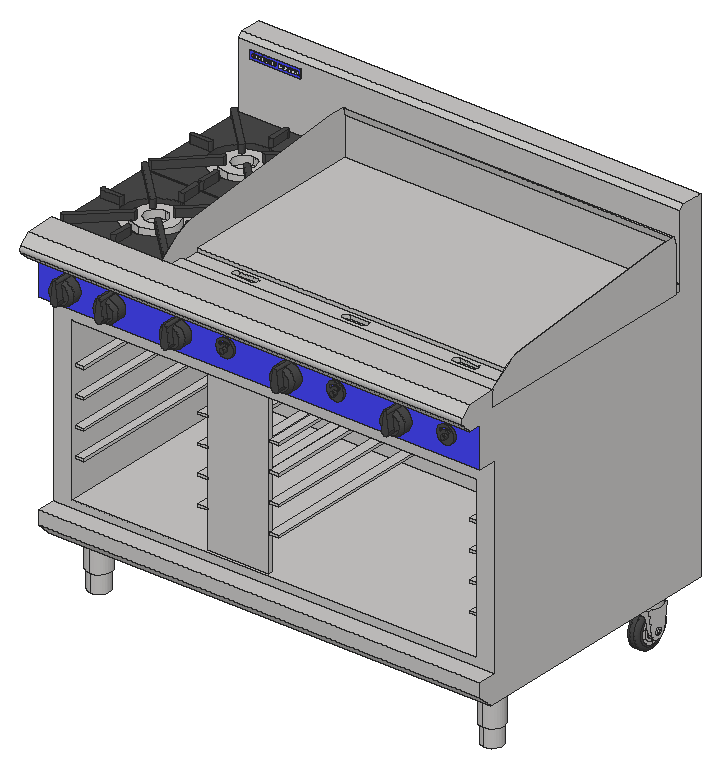
Revit family "QF_MOFFAT_BLUESEAL_CE_G518A-CB", category Specialty Equipment, Revit 2012
Parameters
  Weight in Pounds = 435  # constant formula
  URL Cutsheet = "www.moffat.com"
  URL = "www.moffat.com"
  Type Mark [instance] = ""
  Status [instance] = ""
  Specification by User [instance] = ""
  Specification by Manufacturer = ""
  Show Logo [instance] = yes
  Show Casters [instance] = yes
  Serial Number = ""
  Seismic Rating = ""
  SMACNA No = ""
  Revision Code [instance] = ""
  Omniclass Number and Title = ""
  NAFEM Spec ID Number = ""
  Model = "G518A-CB"
  Mechanical Remarks [instance] = ""
  Mechanical Connection Type [instance] = ""
  Masterspec = ""
  Manufacturer = "MOFFAT BLUESEAL"
  Legs [instance] = not(Show Casters)  # no
  Item Number [instance] = ""
  Installed By [instance] = ""
  Identify Quantity as Lot [instance] = yes
  Gas Size = 3/4"
  Gas RI Height [instance] = 0.0 mm
  Gas KW = 32.2
  Gas Input [instance] = 109946.0 Btu/h
  Gas Connection Height = 0.0 mm
  Furnished By [instance] = ""
  Foodservice Equipment Identifier [instance] = yes
  Description = "1200MM GAS COOK TOP ON CABINET BASE"
  CSI MasterFormat = ""
  CSI Master Format = ""
  Body Height [instance] = 915.0 mm
  Base Height [instance] = 150.0 mm
Reference planes
  plane 1 "BACK": y = 0
  plane 2: z = 0
  plane 3 "LEFT": x = 0
  plane 4 "RIGHT": x = 1200
  plane 5 "FRONT": y = -812
  plane 6 "TOP": z = 970
  plane 7 "Center Y": x = 600
  plane 8 "Center X": y = -406
  plane 9 "Base Height": z = 150
  plane 10: x = 1134
  plane 11: x = 65
  plane 12: z = 915
  plane 13: z = 1085
  plane 14: y = -100
  plane 15: y = -625
Forms (mm)
  Extrusion 1, solid, material "QF_Finishes_Stainless Steel"
    sketch origin (0, 0, 0) x (0, 1, 0) y (0, 0, 1)
      loop
        line (0, 150) -> (0, 1085) -> (-57.5, 1085) -> (-70, 1072.5) -> (-70, 875) -> (-705, 875) -> (-705, 915) -> (-783.97, 915) -> (-808.485, 890.485)
        arc (-808.485, 890.485) -> (-811.999, 882) -> (-808.485, 873.515) r 12
        line (-808.485, 873.515) -> (-784.97, 850) -> (-749, 850) -> (-749, 740) -> (-135.7, 740) -> (-135.7, 150) -> (0, 150)
      loop
        line (-699, 222.5) -> (-749, 222.5) -> (-749, 186) -> (-713, 150) -> (-699, 150) -> (-699, 222.5)
    from 0 to 1200
  Extrusion 2, solid, material "QF_Finishes_Stainless Steel"
    sketch origin (705, 3, 100) x (1, 0, 0) y (0, 1, 0)
      loop
        circle (365, -35) r 13.5
    from 555 to 599.856
  Revolve 3, solid, material "QF_Finishes_Black"
    sketch origin (89.999, 7, 759.972) x (0, 1, 0) y (0, 0, -1)
      loop
        line (-789, -69.5) -> (-766, -69.5) -> (-766, -42) -> (-756, -42) -> (-756, -37) -> (-800, -37) -> (-800, -63.651) -> (-789, -69.5)
      axis (-800, -37) -> (-756, -37)
    angle from 0 to 360
  Extrusion 4, solid, material "QF_Finishes_Black"
    sketch origin (228.269, 0, 760.13) x (-1, 0, 0) y (0, 0, -1)
      loop
        line (127.85, -26.064) -> (133.27, -68.983)
        arc (133.27, -68.983) -> (138.269, -73.87) -> (143.267, -68.983) r 5
        line (143.267, -68.983) -> (148.756, -24.898)
        arc (148.756, -24.898) -> (137.684, -14.399) -> (127.85, -26.064) r 10.487
    from 759 to 808
  Revolve 5, solid, material "QF_Finishes_Stainless Steel"
    sketch origin (65, -728, 0) x (0, 1, 0) y (0, 0, 1)
      loop
        line (71.25, 150) -> (71.25, 50) -> (75.5, 50) -> (75.5, 0) -> (103, 0) -> (103, 150) -> (71.25, 150)
      axis (103, 150) -> (103, 0)
    angle from 0 to 360
  Revolve 6, solid, material "QF_Finishes_Stainless Steel"
    sketch origin (1134, -728, 0) x (0, 1, 0) y (0, 0, -1)
      loop
        line (71.25, -150) -> (103, -150) -> (103, 0) -> (75.5, 0) -> (75.5, -50) -> (71.25, -50) -> (71.25, -150)
      axis (103, -150) -> (103, 0)
    angle from 0 to 360
  Extrusion 7, solid, material "QF_Finishes_Stainless Steel"
    sketch origin (0, 0, 0) x (1, 0, 0) y (0, 0, 1)
      loop
        line (0, 740) -> (0, 150) -> (1200, 150) -> (1200, 740) -> (0, 740)
      loop
        line (50, 680) -> (50, 242.5) -> (1150, 242.5) -> (1150, 680) -> (50, 680)
    from 135.7 to 699
  Extrusion 8, void
    sketch origin (0, 0, 150) x (-1, 0, 0) y (0, -1, 0)
      loop
        line (-1133.988, 87.26) -> (-1133.988, -30.24) -> (-1004.488, -30.24) -> (-1004.488, 38.76) -> (-1052.988, 87.26) -> (-1133.988, 87.26)
    from 72.5 to 549.856
  Extrusion 9, solid, material "QF_Finishes_Stainless Steel"
    sketch origin (0, -135.7, 735) x (0, 0, 1) y (-1, 0, 0)
      loop
        line (-50, -578.5) -> (-50, -412.5) -> (-492.5, -412.5) -> (-492.5, -578.5) -> (-50, -578.5)
    from 543.302 to 553.302
  Extrusion 10, solid, material "QF_Finishes_Stainless Steel"
    sketch origin (0, -135.7, 735) x (0, 0, 1) y (-1, 0, 0)
      loop
        line (-246.25, -410.75) -> (-239.9, -410.75) -> (-239.9, -385.75) -> (-246.25, -385.75) -> (-246.25, -410.75)
      loop
        line (-321.25, -410.75) -> (-314.9, -410.75) -> (-314.9, -385.75) -> (-321.25, -385.75) -> (-321.25, -410.75)
      loop
        line (-321.25, -50) -> (-321.25, -75) -> (-314.9, -75) -> (-314.9, -50) -> (-321.25, -50)
      loop
        line (-239.9, -75) -> (-239.9, -50) -> (-246.25, -50) -> (-246.25, -75) -> (-239.9, -75)
      loop
        line (-396.25, -410.75) -> (-389.9, -410.75) -> (-389.9, -385.75) -> (-396.25, -385.75) -> (-396.25, -410.75)
      loop
        line (-396.25, -50) -> (-396.25, -75) -> (-389.9, -75) -> (-389.9, -50) -> (-396.25, -50)
      loop
        line (-171.25, -410.75) -> (-164.9, -410.75) -> (-164.9, -385.75) -> (-171.25, -385.75) -> (-171.25, -410.75)
      loop
        line (-164.9, -75) -> (-164.9, -50) -> (-171.25, -50) -> (-171.25, -75) -> (-164.9, -75)
      loop
        line (-246.25, -579.25) -> (-246.25, -604.25) -> (-239.9, -604.25) -> (-239.9, -579.25) -> (-246.25, -579.25)
      loop
        line (-321.25, -579.25) -> (-321.25, -604.25) -> (-314.9, -604.25) -> (-314.9, -579.25) -> (-321.25, -579.25)
      loop
        line (-321.25, -1150) -> (-314.9, -1150) -> (-314.9, -1125) -> (-321.25, -1125) -> (-321.25, -1150)
      loop
        line (-239.9, -1125) -> (-246.25, -1125) -> (-246.25, -1150) -> (-239.9, -1150) -> (-239.9, -1125)
      loop
        line (-396.25, -579.25) -> (-396.25, -604.25) -> (-389.9, -604.25) -> (-389.9, -579.25) -> (-396.25, -579.25)
      loop
        line (-396.25, -1150) -> (-389.9, -1150) -> (-389.9, -1125) -> (-396.25, -1125) -> (-396.25, -1150)
      loop
        line (-171.25, -579.25) -> (-171.25, -604.25) -> (-164.9, -604.25) -> (-164.9, -579.25) -> (-171.25, -579.25)
      loop
        line (-164.9, -1125) -> (-171.25, -1125) -> (-171.25, -1150) -> (-164.9, -1150) -> (-164.9, -1125)
    from 0 to 553.302
  Revolve 11, solid, material "QF_Finishes_Black"
    sketch origin (210, 7, 760) x (0, 1, 0) y (0, 0, -1)
      loop
        line (-789, -69.5) -> (-766, -69.5) -> (-766, -42) -> (-756, -42) -> (-756, -37) -> (-800, -37) -> (-800, -63.651) -> (-789, -69.5)
      axis (-800, -37) -> (-756, -37)
    angle from 0 to 360
  Extrusion 12, solid, material "QF_Finishes_Black"
    sketch origin (348.27, 0, 760.158) x (-1, 0, 0) y (0, 0, -1)
      loop
        line (127.85, -26.064) -> (133.27, -68.983)
        arc (133.27, -68.983) -> (138.269, -73.87) -> (143.267, -68.983) r 5
        line (143.267, -68.983) -> (148.756, -24.898)
        arc (148.756, -24.898) -> (137.684, -14.399) -> (127.85, -26.064) r 10.487
    from 759 to 808
  Revolve 13, solid, material "QF_Finishes_Black"
    sketch origin (390, 7, 760) x (0, 1, 0) y (0, 0, -1)
      loop
        line (-789, -69.5) -> (-766, -69.5) -> (-766, -42) -> (-756, -42) -> (-756, -37) -> (-800, -37) -> (-800, -63.651) -> (-789, -69.5)
      axis (-800, -37) -> (-756, -37)
    angle from 0 to 360
  Extrusion 14, solid, material "QF_Finishes_Black"
    sketch origin (528.27, 0, 760.158) x (-1, 0, 0) y (0, 0, -1)
      loop
        line (127.85, -26.064) -> (133.27, -68.983)
        arc (133.27, -68.983) -> (138.269, -73.87) -> (143.267, -68.983) r 5
        line (143.267, -68.983) -> (148.756, -24.898)
        arc (148.756, -24.898) -> (137.684, -14.399) -> (127.85, -26.064) r 10.487
    from 759 to 808
  Revolve 15, solid, material "QF_Finishes_Black"
    sketch origin (690, 7, 760) x (0, 1, 0) y (0, 0, -1)
      loop
        line (-789, -69.5) -> (-766, -69.5) -> (-766, -42) -> (-756, -42) -> (-756, -37) -> (-800, -37) -> (-800, -63.651) -> (-789, -69.5)
      axis (-800, -37) -> (-756, -37)
    angle from 0 to 360
  Extrusion 16, solid, material "QF_Finishes_Black"
    sketch origin (828.27, 0, 760.158) x (-1, 0, 0) y (0, 0, -1)
      loop
        line (127.85, -26.064) -> (133.27, -68.983)
        arc (133.27, -68.983) -> (138.269, -73.87) -> (143.267, -68.983) r 5
        line (143.267, -68.983) -> (148.756, -24.898)
        arc (148.756, -24.898) -> (137.684, -14.399) -> (127.85, -26.064) r 10.487
    from 759 to 808
  Revolve 17, solid, material "QF_Finishes_Black"
    sketch origin (990, 7, 760) x (0, 1, 0) y (0, 0, -1)
      loop
        line (-789, -69.5) -> (-766, -69.5) -> (-766, -42) -> (-756, -42) -> (-756, -37) -> (-800, -37) -> (-800, -63.651) -> (-789, -69.5)
      axis (-800, -37) -> (-756, -37)
    angle from 0 to 360
  Extrusion 18, solid, material "QF_Finishes_Black"
    sketch origin (1128.27, 0, 760.158) x (-1, 0, 0) y (0, 0, -1)
      loop
        line (127.85, -26.064) -> (133.27, -68.983)
        arc (133.27, -68.983) -> (138.269, -73.87) -> (143.267, -68.983) r 5
        line (143.267, -68.983) -> (148.756, -24.898)
        arc (148.756, -24.898) -> (137.684, -14.399) -> (127.85, -26.064) r 10.487
    from 759 to 808
  Revolve 19, solid, material "QF_Finishes_Stainless Steel", visible <- "Legs"
    sketch origin (65.5, -166, 0) x (0, 1, 0) y (0, 0, 1)
      loop
        line (34.25, 150) -> (34.25, 50) -> (38.5, 50) -> (38.5, 0) -> (66, 0) -> (66, 150) -> (34.25, 150)
      axis (66, 150) -> (66, 0)
    angle from 0 to 360
  Revolve 20, solid, material "QF_Finishes_Stainless Steel", visible <- "Show Casters"
    sketch origin (16.276, -100.755, -12.8) x (1, 0, 0) y (0, 0, 1)
      loop
        line (14.841, 63.604) -> (83.584, 63.604) -> (83.584, 67.109) -> (82.314, 68.379) -> (80.79, 68.379) -> (80.79, 71.826) -> (68.644, 71.826) -> (68.644, 81.79) -> (65.088, 83.843) -> (63.738, 92.179) -> (65.881, 92.179) -> (65.881, 98.529) -> (65.088, 98.529) -> (65.088, 104.879)
        arc (65.088, 104.879) -> (62.298, 111.614) -> (55.563, 114.404) r 9.525
        line (55.563, 114.404) -> (42.863, 114.404)
        arc (42.863, 114.404) -> (36.127, 111.614) -> (33.338, 104.879) r 9.525
        line (33.338, 104.879) -> (33.338, 98.529) -> (32.544, 98.529) -> (32.544, 92.179) -> (34.687, 92.179) -> (33.352, 83.932) -> (29.782, 81.871) -> (29.782, 71.826) -> (17.635, 71.826) -> (17.635, 68.379) -> (16.111, 68.379) -> (14.841, 67.109) -> (14.841, 63.604)
      axis (14.841, 63.604) -> (83.584, 63.604)
    angle from 0 to 360
  Extrusion 21, solid, material "QF_Finishes_Stainless Steel", visible <- "Show Casters"
    sketch origin (72.001, 132.353, -8.783) x (0, 1, 0) y (0, 0, 1)
      loop
        line (-200.603, 118.783) -> (-264.103, 118.783) -> (-251.746, 53.895)
        arc (-251.746, 53.895) -> (-232.353, 38.783) -> (-212.959, 53.895) r 20
        line (-212.959, 53.895) -> (-200.603, 118.783)
    from -35.667 to 22.923
  Revolve 22, solid, material "QF_Finishes_Stainless Steel", visible <- "Show Casters"
    sketch origin (65.5, -204, 0) x (0, 1, 0) y (0, 0, 1)
      loop
        line (68.25, 150) -> (68.25, 110) -> (104, 110) -> (104, 150) -> (68.25, 150)
      axis (104, 150) -> (104, 110)
    angle from 0 to 360
  Revolve 23, solid, material "QF_Finishes_Stainless Steel", visible <- "Legs"
    sketch origin (65.5, -166, 0) x (0, 1, 0) y (0, 0, 1)
      loop
        line (34.25, 150) -> (34.25, 50) -> (38.5, 50) -> (38.5, 0) -> (66, 0) -> (66, 150) -> (34.25, 150)
      axis (66, 150) -> (66, 0)
    angle from 0 to 360
  Revolve 24, solid, material "QF_Finishes_Stainless Steel", visible <- "Legs"
    sketch origin (1134.5, -166, 0) x (0, 1, 0) y (0, 0, -1)
      loop
        line (34.25, -150) -> (66, -150) -> (66, 0) -> (38.5, 0) -> (38.5, -50) -> (34.25, -50) -> (34.25, -150)
      axis (66, -150) -> (66, 0)
    angle from 0 to 360
  Revolve 25, solid, material "QF_Finishes_Stainless Steel", visible <- "Show Casters"
    sketch origin (1183.724, -100.755, -12.8) x (-1, 0, 0) y (0, 0, -1)
      loop
        line (14.841, -63.604) -> (14.841, -67.109) -> (16.111, -68.379) -> (17.635, -68.379) -> (17.635, -71.826) -> (29.782, -71.826) -> (29.782, -81.871) -> (33.352, -83.932) -> (34.687, -92.179) -> (32.544, -92.179) -> (32.544, -98.529) -> (33.338, -98.529) -> (33.338, -104.879)
        arc (33.338, -104.879) -> (36.127, -111.614) -> (42.863, -114.404) r 9.525
        line (42.863, -114.404) -> (55.563, -114.404)
        arc (55.563, -114.404) -> (62.298, -111.614) -> (65.088, -104.879) r 9.525
        line (65.088, -104.879) -> (65.088, -98.529) -> (65.881, -98.529) -> (65.881, -92.179) -> (63.738, -92.179) -> (65.088, -83.843) -> (68.644, -81.79) -> (68.644, -71.826) -> (80.79, -71.826) -> (80.79, -68.379) -> (82.314, -68.379) -> (83.584, -67.109) -> (83.584, -63.604) -> (14.841, -63.604)
      axis (14.841, -63.604) -> (83.584, -63.604)
    angle from 0 to 360
  Extrusion 26, solid, material "QF_Finishes_Stainless Steel", visible <- "Show Casters"
    sketch origin (1127.999, 132.353, -8.783) x (0, 1, 0) y (0, 0, -1)
      loop
        line (-200.603, -118.783) -> (-212.959, -53.895)
        arc (-212.959, -53.895) -> (-232.353, -38.783) -> (-251.746, -53.895) r 20
        line (-251.746, -53.895) -> (-264.103, -118.783) -> (-200.603, -118.783)
    from -35.667 to 22.923
  Revolve 27, solid, material "QF_Finishes_Stainless Steel", visible <- "Show Casters"
    sketch origin (1134.5, -204, 0) x (0, 1, 0) y (0, 0, -1)
      loop
        line (68.25, -150) -> (104, -150) -> (104, -110) -> (68.25, -110) -> (68.25, -150)
      axis (104, -150) -> (104, -110)
    angle from 0 to 360
  Revolve 28, solid, material "QF_Finishes_Stainless Steel", visible <- "Legs"
    sketch origin (1134.5, -166, 0) x (0, 1, 0) y (0, 0, -1)
      loop
        line (34.25, -150) -> (66, -150) -> (66, 0) -> (38.5, 0) -> (38.5, -50) -> (34.25, -50) -> (34.25, -150)
      axis (66, -150) -> (66, 0)
    angle from 0 to 360
  Extrusion 29, solid, material "QF_Finishes_Black"
    sketch origin (0, -749, 850) x (0, 0, -1) y (1, 0, 0)
      loop
        circle (53, 810) r 23.9
      loop
        circle (53, 510) r 23.9
      loop
        arc (45.641, 518.419) -> (46.501, 523.219) -> (41.701, 524.079) r 3.448
        arc (41.701, 524.079) -> (35.116, 509.341) -> (42.919, 495.209) r 18.095
        arc (42.919, 495.209) -> (47.641, 496.491) -> (46.326, 501.204) r 3.448
        arc (46.326, 501.204) -> (42.758, 509.683) -> (45.641, 518.419) r 13.109
      loop
        arc (45.641, 818.419) -> (46.501, 823.219) -> (41.701, 824.079) r 3.448
        arc (41.701, 824.079) -> (35.116, 809.341) -> (42.919, 795.209) r 18.095
        arc (42.919, 795.209) -> (47.641, 796.491) -> (46.326, 801.204) r 3.448
        arc (46.326, 801.204) -> (42.758, 809.683) -> (45.641, 818.419) r 13.109
      loop
        circle (53, 1110) r 23.9
      loop
        arc (45.641, 1118.419) -> (46.501, 1123.219) -> (41.701, 1124.079) r 3.448
        arc (41.701, 1124.079) -> (35.116, 1109.341) -> (42.919, 1095.209) r 18.095
        arc (42.919, 1095.209) -> (47.641, 1096.491) -> (46.326, 1101.204) r 3.448
        arc (46.326, 1101.204) -> (42.758, 1109.683) -> (45.641, 1118.419) r 13.109
    from 0 to 5
  Extrusion 30, solid, material "QF_Finishes_Black"
    sketch origin (0, -754, 850) x (0, 0, -1) y (1, 0, 0)
      loop
        circle (56.5, 810) r 5.75
      loop
        circle (56.5, 510) r 5.75
      loop
        circle (56.5, 1110) r 5.75
    from 0 to 10
Cuts and joins
  Extrusion 8 cuts Extrusion 1
  joined: Extrusion 1, Extrusion 7
Lines and regions (mm)
  Split face 1
    outline origin (1200, 0, 1085) x (-1, 0, 0) y (0, -1, 0)
      loop
        arc (1167.206, 18.385) -> (1175.866, 23.385) -> (1175.866, 33.385) r 10
        line (1175.866, 33.385) -> (1171.824, 40.385)
        arc (1171.824, 40.385) -> (1168.164, 44.045) -> (1163.164, 45.385) r 10
        line (1163.164, 45.385) -> (935.206, 45.385)
        arc (935.206, 45.385) -> (926.545, 40.385) -> (926.545, 30.385) r 10
        line (926.545, 30.385) -> (930.587, 23.385)
        arc (930.587, 23.385) -> (934.247, 19.725) -> (939.247, 18.385) r 10
        line (939.247, 18.385) -> (1167.206, 18.385)
  Split face 2
    outline origin (1200, 0, 1085) x (-1, 0, 0) y (0, -1, 0)
      loop
        arc (35.206, 45.385) -> (26.545, 40.385) -> (26.545, 30.385) r 10
        line (26.545, 30.385) -> (30.587, 23.385)
        arc (30.587, 23.385) -> (34.247, 19.725) -> (39.247, 18.385) r 10
        line (39.247, 18.385) -> (267.206, 18.385)
        arc (267.206, 18.385) -> (275.866, 23.385) -> (275.866, 33.385) r 10
        line (275.866, 33.385) -> (271.824, 40.385)
        arc (271.824, 40.385) -> (268.164, 44.045) -> (263.164, 45.385) r 10
        line (263.164, 45.385) -> (35.206, 45.385)
  Split face 3
    outline origin (1200, 0, 1085) x (-1, 0, 0) y (0, -1, 0)
      loop
        arc (335.206, 45.385) -> (326.545, 40.385) -> (326.545, 30.385) r 10
        line (326.545, 30.385) -> (330.587, 23.385)
        arc (330.587, 23.385) -> (334.247, 19.725) -> (339.247, 18.385) r 10
        line (339.247, 18.385) -> (567.206, 18.385)
        arc (567.206, 18.385) -> (575.866, 23.385) -> (575.866, 33.385) r 10
        line (575.866, 33.385) -> (571.824, 40.385)
        arc (571.824, 40.385) -> (568.164, 44.045) -> (563.164, 45.385) r 10
        line (563.164, 45.385) -> (335.206, 45.385)
  Split face 4
    outline origin (1200, 0, 1085) x (-1, 0, 0) y (0, -1, 0)
      loop
        arc (867.206, 18.385) -> (875.866, 23.385) -> (875.866, 33.385) r 10
        line (875.866, 33.385) -> (871.824, 40.385)
        arc (871.824, 40.385) -> (868.164, 44.045) -> (863.164, 45.385) r 10
        line (863.164, 45.385) -> (635.206, 45.385)
        arc (635.206, 45.385) -> (626.545, 40.385) -> (626.545, 30.385) r 10
        line (626.545, 30.385) -> (630.587, 23.385)
        arc (630.587, 23.385) -> (634.247, 19.725) -> (639.247, 18.385) r 10
        line (639.247, 18.385) -> (867.206, 18.385)
  symbolic lines
    curve 1: line (1200, -812, 0) -> (1200, 0, 0)
    curve 2: line (0, -812, 0) -> (1200, -812, 0)
    curve 3: line (0, 0, 0) -> (0, -812, 0)
    curve 12: line (632.794, -18.385, 0) -> (860.753, -18.385, 0)
    curve 13: line (560.753, -18.385, 0) -> (332.794, -18.385, 0)
    curve 14: arc (332.794, -18.385, 0) -> (324.134, -23.385, 0) -> (324.134, -33.385, 0) r 10
    curve 15: line (324.134, -33.385, 0) -> (328.176, -40.385, 0)
    curve 16: arc (328.176, -40.385, 0) -> (331.836, -44.045, 0) -> (336.836, -45.385, 0) r 10
    curve 17: line (336.836, -45.385, 0) -> (564.794, -45.385, 0)
    curve 18: arc (564.794, -45.385, 0) -> (573.455, -40.385, 0) -> (573.455, -30.385, 0) r 10
    curve 19: line (573.455, -30.385, 0) -> (569.413, -23.385, 0)
    curve 20: arc (569.413, -23.385, 0) -> (565.753, -19.725, 0) -> (560.753, -18.385, 0) r 10
    curve 21: line (32.794, -18.385, 0) -> (260.753, -18.385, 0)
    curve 22: arc (260.753, -18.385, 0) -> (265.753, -19.725, 0) -> (269.413, -23.385, 0) r 10
    curve 23: line (269.413, -23.385, 0) -> (273.455, -30.385, 0)
    curve 24: arc (273.455, -30.385, 0) -> (273.455, -40.385, 0) -> (264.794, -45.385, 0) r 10
    curve 25: line (264.794, -45.385, 0) -> (36.836, -45.385, 0)
    curve 26: arc (36.836, -45.385, 0) -> (31.836, -44.045, 0) -> (28.176, -40.385, 0) r 10
    curve 27: line (28.176, -40.385, 0) -> (24.134, -33.385, 0)
    curve 28: arc (24.134, -33.385, 0) -> (24.134, -23.385, 0) -> (32.794, -18.385, 0) r 10
    curve 29: line (932.794, -18.385, 0) -> (1160.753, -18.385, 0)
    curve 30: arc (1160.753, -18.385, 0) -> (1165.753, -19.725, 0) -> (1169.413, -23.385, 0) r 10
    curve 31: line (1169.413, -23.385, 0) -> (1173.455, -30.385, 0)
    curve 32: arc (1173.455, -30.385, 0) -> (1173.455, -40.385, 0) -> (1164.794, -45.385, 0) r 10
    curve 33: line (1164.794, -45.385, 0) -> (936.836, -45.385, 0)
    curve 34: arc (936.836, -45.385, 0) -> (931.836, -44.045, 0) -> (928.176, -40.385, 0) r 10
    curve 35: line (928.176, -40.385, 0) -> (924.134, -33.385, 0)
    curve 36: arc (924.134, -33.385, 0) -> (924.134, -23.385, 0) -> (932.794, -18.385, 0) r 10
    curve 37: line (636.836, -45.385, 0) -> (864.794, -45.385, 0)
    curve 38: arc (864.794, -45.385, 0) -> (873.455, -40.385, 0) -> (873.455, -30.385, 0) r 10
    curve 39: line (873.455, -30.385, 0) -> (869.413, -23.385, 0)
    curve 40: arc (869.413, -23.385, 0) -> (865.753, -19.725, 0) -> (860.753, -18.385, 0) r 10
    curve 41: line (860.753, -18.385, 0) -> (632.794, -18.385, 0)
    curve 42: arc (632.794, -18.385, 0) -> (624.134, -23.385, 0) -> (624.134, -33.385, 0) r 10
    curve 43: line (624.134, -33.385, 0) -> (628.176, -40.385, 0)
    curve 44: arc (628.176, -40.385, 0) -> (631.836, -44.045, 0) -> (636.836, -45.385, 0) r 10
    curve 45: line (0, 0, 0) -> (1200, 0, 0)
    curve 46: line (0, -783.97, 0) -> (1200, -783.97, 0)
    curve 47: line (-1, -705, 0) -> (1199, -705, 0)
    curve 48: line (0, -70, 0) -> (1200, -70, 0)
    curve 49: line (0, -57.5, 0) -> (1200, -57.5, 0)
  symbolic lines, style "SpecialityEquipmentHiddenLines", visible <- "Show Casters"
    curve 4: line (78.456, -46.735, 0) -> (105.952, -62.61, 0)
    curve 5: line (27.656, -134.723, 0) -> (78.456, -46.735, 0)
    curve 6: line (55.152, -150.598, 0) -> (27.656, -134.723, 0)
    curve 7: line (105.952, -62.61, 0) -> (55.152, -150.598, 0)
    curve 8: line (1148.456, -46.735, 0) -> (1175.952, -62.61, 0)
    curve 9: line (1097.656, -134.723, 0) -> (1148.456, -46.735, 0)
    curve 10: line (1125.152, -150.598, 0) -> (1097.656, -134.723, 0)
    curve 11: line (1175.952, -62.61, 0) -> (1125.152, -150.598, 0)
Dimensions and locks
  equal spacing: plane 3 "LEFT", plane 7 "Center Y", plane 4 "RIGHT"
  plane 3 "LEFT" to plane 4 "RIGHT" = 1200.0 mm
  equal spacing: plane 5 "FRONT", plane 8 "Center X", plane 1 "BACK"
  plane 5 "FRONT" to plane 1 "BACK" = 812.0 mm
  "Base Height": plane 9 "Base Height" to level
  plane 6 "TOP" to level = 970.0 mm
  plane 10 to plane 11 = 1069.0 mm
  level to Extrusion 2 = 655.0 mm
  Extrusion 8 to Extrusion 8 = 477.356 mm
  plane 13 to plane 2 = 1085.0 mm
  Extrusion 2 sketch curve to plane 1 "BACK" = 32.0 mm
  Revolve 20 sketch curve to Revolve 20 sketch curve = 50.8 mm
  Revolve 25 sketch curve to Revolve 25 sketch curve = 50.8 mm
  aligned and locked: level to plane 2
Automatic sketch dimensions
  Extrusion 1 sketch curve to plane 12 = 0.0 mm
  Extrusion 1 sketch curve to plane 9 "Base Height" = 0.0 mm  (x2)
  Extrusion 1 sketch curve to plane 13 = 0.0 mm
  Extrusion 1 sketch curve to plane 1 "BACK" = 0.0 mm
  Extrusion 1 sketch curve to Extrusion 1 sketch curve = 57.5 mm
  Extrusion 1 sketch curve to plane 13 = 12.5 mm
  Extrusion 1 sketch curve to Extrusion 1 sketch curve = 12.5 mm
  plane 1 "BACK" to Extrusion 1 sketch curve = 135.7 mm
  Extrusion 1 sketch curve to plane 5 "FRONT" = 113.0 mm
  Extrusion 1 sketch curve to plane 12 = 40.0 mm
  Extrusion 1 sketch curve to plane 5 "FRONT" = 107.0 mm
  Extrusion 1 sketch curve to Extrusion 1 sketch curve = 14.0 mm
  Extrusion 1 sketch curve to plane 5 "FRONT" = 63.0 mm
  Extrusion 1 sketch curve to Extrusion 1 sketch curve = 50.0 mm
  Extrusion 1 sketch curve to plane 5 "FRONT" = 28.03 mm
  Extrusion 1 sketch curve to plane 5 "FRONT" = 27.03 mm
  Extrusion 1 sketch curve to plane 5 "FRONT" = 12.001 mm
  Extrusion 1 sketch curve to plane 5 "FRONT" = 3.515 mm  (x2)
  plane 9 "Base Height" to Extrusion 1 sketch curve = 36.0 mm
  Extrusion 1 sketch curve to Extrusion 1 sketch curve = 36.5 mm
  Extrusion 1 sketch curve to Extrusion 1 sketch curve = 135.0 mm
  Extrusion 1 sketch curve to Extrusion 1 sketch curve = 25.0 mm
  Extrusion 1 sketch curve to Extrusion 1 sketch curve = 23.515 mm
  Extrusion 1 sketch curve to Extrusion 1 sketch curve = 8.485 mm
  Extrusion 2 sketch curve to plane 10 = 64.0 mm
  Revolve 3 sketch curve to plane 5 "FRONT" = 19.0 mm
  Revolve 3 sketch curve to Revolve 3 sketch curve = 0.0 mm  (x2)
  Revolve 3 sketch curve to Revolve 3 sketch curve = 11.0 mm
  Revolve 3 sketch curve to Revolve 3 sketch curve = 12.7 mm
  Revolve 3 sketch curve to Revolve 3 sketch curve = 23.0 mm
  Revolve 3 sketch curve to Revolve 3 sketch curve = 10.0 mm
  Revolve 3 sketch curve to plane 12 = 85.528 mm
  Revolve 3 sketch curve to Revolve 3 sketch curve = 5.849 mm
  Revolve 3 sketch curve to Revolve 3 sketch curve = 27.5 mm
  Revolve 3 sketch curve to Revolve 3 sketch curve = 5.0 mm
  plane 11 to Extrusion 4 sketch curve = 35.419 mm
  plane 11 to Extrusion 4 sketch curve = 29.999 mm
  Extrusion 4 sketch curve to Extrusion 4 sketch curve = 10.419 mm
  Extrusion 4 sketch curve to Extrusion 4 sketch curve = 4.999 mm  (x2)
  Extrusion 4 sketch curve to Extrusion 4 sketch curve = 10.487 mm
  Extrusion 4 sketch curve to plane 12 = 85.887 mm
  Extrusion 4 sketch curve to Extrusion 4 sketch curve = 0.113 mm
  Extrusion 4 sketch curve to Extrusion 4 sketch curve = 42.919 mm
  Extrusion 4 sketch curve to Extrusion 4 sketch curve = 1.167 mm
  Revolve 5 sketch curve to plane 9 "Base Height" = 0.0 mm
  Revolve 5 sketch curve to level = 0.0 mm
  level to Revolve 5 sketch curve = 50.0 mm
  Revolve 5 sketch curve to plane 5 "FRONT" = 155.25 mm
  Revolve 5 sketch curve to Revolve 5 sketch curve = 4.25 mm
  Revolve 5 sketch curve to Revolve 5 sketch curve = 27.5 mm  (x2)
  Revolve 5 sketch curve to Revolve 5 sketch curve = 55.0 mm
  Revolve 5 sketch curve to Revolve 5 sketch curve = 0.0 mm
  Revolve 6 sketch curve to plane 9 "Base Height" = 0.0 mm
  Revolve 6 sketch curve to level = 0.0 mm
  level to Revolve 6 sketch curve = 50.0 mm
  Revolve 6 sketch curve to plane 5 "FRONT" = 155.25 mm
  Revolve 6 sketch curve to Revolve 6 sketch curve = 4.25 mm
  Revolve 6 sketch curve to Revolve 6 sketch curve = 27.5 mm  (x2)
  Revolve 6 sketch curve to Revolve 6 sketch curve = 0.0 mm
  Revolve 6 sketch curve to Revolve 6 sketch curve = 55.0 mm
  Extrusion 7 sketch curve to plane 3 "LEFT" = 0.0 mm
  plane 4 "RIGHT" to Extrusion 7 sketch curve = 0.0 mm
  Extrusion 7 sketch curve to plane 9 "Base Height" = 0.0 mm
  Extrusion 7 sketch curve to plane 11 = 15.0 mm
  plane 10 to Extrusion 7 sketch curve = 16.0 mm
  plane 9 "Base Height" to Extrusion 7 sketch curve = 92.5 mm
  Extrusion 7 sketch curve to plane 12 = 235.0 mm
  Extrusion 7 sketch curve to Extrusion 7 sketch curve = 60.0 mm
  Extrusion 8 sketch curve to plane 10 = 0.012 mm
  Extrusion 8 sketch curve to Extrusion 8 sketch curve = 81.0 mm
  Extrusion 8 sketch curve to Extrusion 8 sketch curve = 48.5 mm  (x2)
  Extrusion 8 sketch curve to plane 1 "BACK" = 30.24 mm
  plane 1 "BACK" to Extrusion 8 sketch curve = 38.76 mm
  Extrusion 9 sketch curve to Extrusion 1 = 92.5 mm
  Extrusion 1 to Extrusion 9 sketch curve = 55.0 mm
  Extrusion 1 to Extrusion 9 sketch curve = 578.5 mm
  Extrusion 9 sketch curve to Extrusion 9 sketch curve = 166.0 mm
  Extrusion 1 to Extrusion 10 sketch curve = 75.0 mm  (x2)
  Extrusion 10 sketch curve to Extrusion 1 = 188.75 mm  (x3)
  Extrusion 10 sketch curve to Extrusion 10 sketch curve = 0.0 mm  (x9)
  Extrusion 1 to Extrusion 10 sketch curve = 50.0 mm  (x4)
  Extrusion 10 sketch curve to Extrusion 10 sketch curve = 6.35 mm  (x16)
  Extrusion 10 sketch curve to Extrusion 10 sketch curve = 68.65 mm  (x12)
  Extrusion 10 sketch curve to Extrusion 10 sketch curve = 25.0 mm  (x16)
  Extrusion 10 sketch curve to Extrusion 10 sketch curve = 520.75 mm
  Extrusion 10 sketch curve to Extrusion 10 sketch curve = 168.5 mm
  Revolve 11 sketch curve to plane 5 "FRONT" = 19.0 mm
  Revolve 11 sketch curve to Revolve 11 sketch curve = 0.0 mm  (x2)
  Revolve 11 sketch curve to Revolve 11 sketch curve = 11.0 mm
  Revolve 11 sketch curve to Revolve 11 sketch curve = 12.7 mm
  Revolve 11 sketch curve to Revolve 11 sketch curve = 23.0 mm
  Revolve 11 sketch curve to Revolve 11 sketch curve = 10.0 mm
  Revolve 11 sketch curve to plane 12 = 85.5 mm
  Revolve 11 sketch curve to Revolve 11 sketch curve = 5.849 mm
  Revolve 11 sketch curve to Revolve 11 sketch curve = 27.5 mm
  Revolve 11 sketch curve to Revolve 11 sketch curve = 5.0 mm
  plane 11 to Extrusion 12 sketch curve = 155.42 mm
  Extrusion 12 sketch curve to Extrusion 12 sketch curve = 5.421 mm
  Extrusion 12 sketch curve to Extrusion 12 sketch curve = 10.419 mm
  Extrusion 12 sketch curve to Extrusion 12 sketch curve = 4.999 mm  (x2)
  Extrusion 12 sketch curve to plane 12 = 85.859 mm
  Extrusion 12 sketch curve to Extrusion 12 sketch curve = 10.487 mm
  Extrusion 12 sketch curve to Extrusion 12 sketch curve = 0.113 mm
  Extrusion 12 sketch curve to Extrusion 12 sketch curve = 42.919 mm
  Extrusion 12 sketch curve to Extrusion 12 sketch curve = 1.167 mm
  Revolve 13 sketch curve to plane 5 "FRONT" = 19.0 mm
  Revolve 13 sketch curve to Revolve 13 sketch curve = 0.0 mm  (x2)
  Revolve 13 sketch curve to Revolve 13 sketch curve = 11.0 mm
  Revolve 13 sketch curve to Revolve 13 sketch curve = 12.7 mm
  Revolve 13 sketch curve to Revolve 13 sketch curve = 23.0 mm
  Revolve 13 sketch curve to Revolve 13 sketch curve = 10.0 mm
  Revolve 13 sketch curve to plane 12 = 85.5 mm
  Revolve 13 sketch curve to Revolve 13 sketch curve = 5.849 mm
  Revolve 13 sketch curve to Revolve 13 sketch curve = 27.5 mm
  Revolve 13 sketch curve to Revolve 13 sketch curve = 5.0 mm
  Extrusion 14 sketch curve to plane 7 "Center Y" = 199.58 mm
  Extrusion 14 sketch curve to Extrusion 14 sketch curve = 5.421 mm
  Extrusion 14 sketch curve to Extrusion 14 sketch curve = 10.419 mm
  Extrusion 14 sketch curve to Extrusion 14 sketch curve = 4.999 mm  (x2)
  Extrusion 14 sketch curve to plane 12 = 85.859 mm
  Extrusion 14 sketch curve to Extrusion 14 sketch curve = 10.487 mm
  Extrusion 14 sketch curve to Extrusion 14 sketch curve = 0.113 mm
  Extrusion 14 sketch curve to Extrusion 14 sketch curve = 42.919 mm
  Extrusion 14 sketch curve to Extrusion 14 sketch curve = 1.167 mm
  Revolve 15 sketch curve to plane 5 "FRONT" = 19.0 mm
  Revolve 15 sketch curve to Revolve 15 sketch curve = 0.0 mm  (x2)
  Revolve 15 sketch curve to Revolve 15 sketch curve = 11.0 mm
  Revolve 15 sketch curve to Revolve 15 sketch curve = 12.7 mm
  Revolve 15 sketch curve to Revolve 15 sketch curve = 23.0 mm
  Revolve 15 sketch curve to Revolve 15 sketch curve = 10.0 mm
  Revolve 15 sketch curve to plane 12 = 85.5 mm
  Revolve 15 sketch curve to Revolve 15 sketch curve = 5.849 mm
  Revolve 15 sketch curve to Revolve 15 sketch curve = 27.5 mm
  Revolve 15 sketch curve to Revolve 15 sketch curve = 5.0 mm
  plane 7 "Center Y" to Extrusion 16 sketch curve = 100.42 mm
  Extrusion 16 sketch curve to Extrusion 16 sketch curve = 5.421 mm
  Extrusion 16 sketch curve to Extrusion 16 sketch curve = 10.419 mm
  Extrusion 16 sketch curve to Extrusion 16 sketch curve = 4.999 mm  (x2)
  Extrusion 16 sketch curve to Extrusion 16 sketch curve = 10.487 mm
  Extrusion 16 sketch curve to plane 12 = 85.859 mm
  Extrusion 16 sketch curve to Extrusion 16 sketch curve = 0.113 mm
  Extrusion 16 sketch curve to Extrusion 16 sketch curve = 42.919 mm
  Extrusion 16 sketch curve to Extrusion 16 sketch curve = 1.167 mm
  Revolve 17 sketch curve to plane 5 "FRONT" = 19.0 mm
  Revolve 17 sketch curve to Revolve 17 sketch curve = 0.0 mm  (x2)
  Revolve 17 sketch curve to Revolve 17 sketch curve = 11.0 mm
  Revolve 17 sketch curve to Revolve 17 sketch curve = 12.7 mm
  Revolve 17 sketch curve to Revolve 17 sketch curve = 23.0 mm
  Revolve 17 sketch curve to Revolve 17 sketch curve = 10.0 mm
  Revolve 17 sketch curve to plane 12 = 85.5 mm
  Revolve 17 sketch curve to Revolve 17 sketch curve = 5.849 mm
  Revolve 17 sketch curve to Revolve 17 sketch curve = 27.5 mm
  Revolve 17 sketch curve to Revolve 17 sketch curve = 5.0 mm
  Extrusion 18 sketch curve to plane 10 = 133.58 mm
  Extrusion 18 sketch curve to Extrusion 18 sketch curve = 5.421 mm
  Extrusion 18 sketch curve to Extrusion 18 sketch curve = 10.419 mm
  Extrusion 18 sketch curve to Extrusion 18 sketch curve = 4.999 mm  (x2)
  Extrusion 18 sketch curve to plane 12 = 85.859 mm
  Extrusion 18 sketch curve to Extrusion 18 sketch curve = 10.487 mm
  Extrusion 18 sketch curve to Extrusion 18 sketch curve = 0.113 mm
  Extrusion 18 sketch curve to Extrusion 18 sketch curve = 42.919 mm
  Extrusion 18 sketch curve to Extrusion 18 sketch curve = 1.167 mm
  Split face 1 sketch curve to cut or joined group of Extrusion 1, Extrusion 7, Extrusion 8 = 27.115 mm
  Split face 1 sketch curve to cut or joined group of Extrusion 1, Extrusion 7, Extrusion 8 = 273.455 mm
  Split face 1 sketch curve to Split face 1 sketch curve = 4.041 mm  (x4)
  Split face 1 sketch curve to Split face 1 sketch curve = 8.66 mm  (x2)
  Split face 1 sketch curve to cut or joined group of Extrusion 1, Extrusion 7, Extrusion 8 = 12.115 mm
  Split face 1 sketch curve to cut or joined group of Extrusion 1, Extrusion 7, Extrusion 8 = 36.836 mm
  Split face 1 sketch curve to Split face 1 sketch curve = 7.0 mm  (x3)
  Split face 1 sketch curve to Split face 1 sketch curve = 17.0 mm
  Split face 2 sketch curve to cut or joined group of Extrusion 1, Extrusion 7, Extrusion 8 = 26.545 mm
  Split face 2 sketch curve to Split face 2 sketch curve = 4.041 mm  (x4)
  Split face 2 sketch curve to Split face 2 sketch curve = 8.66 mm  (x2)
  Split face 2 sketch curve to cut or joined group of Extrusion 1, Extrusion 7, Extrusion 8 = 22.115 mm
  Split face 2 sketch curve to Split face 2 sketch curve = 223.917 mm
  Split face 2 sketch curve to cut or joined group of Extrusion 1, Extrusion 7, Extrusion 8 = 17.115 mm
  Split face 2 sketch curve to Split face 2 sketch curve = 10.0 mm
  Split face 2 sketch curve to Split face 2 sketch curve = 7.0 mm  (x3)
  Split face 3 sketch curve to cut or joined group of Extrusion 1, Extrusion 7, Extrusion 8 = 27.115 mm
  Split face 3 sketch curve to cut or joined group of Extrusion 1, Extrusion 7, Extrusion 8 = 326.545 mm
  Split face 3 sketch curve to cut or joined group of Extrusion 1, Extrusion 7, Extrusion 8 = 23.385 mm
  Split face 3 sketch curve to Split face 3 sketch curve = 4.041 mm  (x3)
  Split face 3 sketch curve to Split face 3 sketch curve = 8.66 mm  (x3)
  Split face 3 sketch curve to cut or joined group of Extrusion 1, Extrusion 7, Extrusion 8 = 12.115 mm
  Split face 3 sketch curve to Split face 3 sketch curve = 223.917 mm
  Split face 3 sketch curve to cut or joined group of Extrusion 1, Extrusion 7, Extrusion 8 = 17.115 mm
  Split face 3 sketch curve to cut or joined group of Extrusion 1, Extrusion 7, Extrusion 8 = 24.115 mm
  Split face 3 sketch curve to Split face 3 sketch curve = 5.0 mm
  Split face 4 sketch curve to cut or joined group of Extrusion 1, Extrusion 7, Extrusion 8 = 27.115 mm
  Split face 4 sketch curve to cut or joined group of Extrusion 1, Extrusion 7, Extrusion 8 = 573.455 mm
  Split face 4 sketch curve to Split face 4 sketch curve = 4.041 mm  (x4)
  Split face 4 sketch curve to Split face 4 sketch curve = 8.66 mm  (x2)
  Split face 4 sketch curve to cut or joined group of Extrusion 1, Extrusion 7, Extrusion 8 = 12.115 mm
  Split face 4 sketch curve to Split face 4 sketch curve = 223.917 mm
  Split face 4 sketch curve to Split face 4 sketch curve = 7.0 mm  (x3)
  Split face 4 sketch curve to Split face 4 sketch curve = 17.0 mm
  Revolve 19 sketch curve to plane 9 "Base Height" = 0.0 mm
  Revolve 19 sketch curve to level = 0.0 mm
  level to Revolve 19 sketch curve = 50.0 mm
  plane 1 "BACK" to Revolve 19 sketch curve = 131.75 mm
  Revolve 19 sketch curve to Revolve 19 sketch curve = 4.25 mm
  Revolve 19 sketch curve to Revolve 19 sketch curve = 27.5 mm  (x2)
  Revolve 19 sketch curve to Revolve 19 sketch curve = 55.0 mm
  Revolve 19 sketch curve to Revolve 19 sketch curve = 0.0 mm
  plane 3 "LEFT" to Revolve 20 sketch curve = 31.118 mm
  Revolve 20 sketch curve to Revolve 20 sketch curve = 1.27 mm  (x4)
  Revolve 20 sketch curve to Revolve 20 sketch curve = 1.524 mm  (x2)
  Revolve 20 sketch curve to Revolve 20 sketch curve = 12.146 mm  (x2)
  Revolve 20 sketch curve to plane 11 = 16.18 mm
  Revolve 20 sketch curve to Revolve 20 sketch curve = 0.794 mm  (x2)
  Revolve 20 sketch curve to Revolve 20 sketch curve = 3.57 mm
  Revolve 20 sketch curve to Revolve 20 sketch curve = 2.143 mm
  Revolve 20 sketch curve to plane 11 = 5.861 mm
  plane 11 to Revolve 20 sketch curve = 5.63 mm
  plane 11 to Revolve 20 sketch curve = 6.839 mm
  plane 11 to Revolve 20 sketch curve = 15.015 mm
  Revolve 20 sketch curve to Revolve 20 sketch curve = 1.349 mm  (x2)
  Revolve 20 sketch curve to Revolve 20 sketch curve = 3.556 mm
  Revolve 20 sketch curve to Revolve 20 sketch curve = 33.32 mm
  level to Revolve 20 sketch curve = 50.804 mm
  Revolve 20 sketch curve to Revolve 20 sketch curve = 0.0 mm
  Revolve 20 sketch curve to Revolve 20 sketch curve = 3.505 mm  (x2)
  Revolve 20 sketch curve to Revolve 20 sketch curve = 3.447 mm  (x2)
  Revolve 20 sketch curve to Revolve 20 sketch curve = 9.964 mm
  Revolve 20 sketch curve to Revolve 20 sketch curve = 10.045 mm
  Revolve 20 sketch curve to Revolve 20 sketch curve = 2.053 mm
  Revolve 20 sketch curve to Revolve 20 sketch curve = 2.061 mm
  Revolve 20 sketch curve to Revolve 20 sketch curve = 8.247 mm
  Revolve 20 sketch curve to Revolve 20 sketch curve = 8.336 mm
  Revolve 20 sketch curve to Revolve 20 sketch curve = 6.35 mm  (x2)
  Extrusion 21 sketch curve to plane 9 "Base Height" = 40.0 mm
  plane 1 "BACK" to Extrusion 21 sketch curve = 131.75 mm
  level to Extrusion 21 sketch curve = 45.111 mm  (x2)
  Extrusion 21 sketch curve to Extrusion 21 sketch curve = 12.357 mm
  Extrusion 21 sketch curve to Extrusion 21 sketch curve = 19.393 mm
  Extrusion 21 sketch curve to Extrusion 21 sketch curve = 63.5 mm
  Extrusion 21 sketch curve to Extrusion 21 sketch curve = 4.889 mm
  Revolve 22 sketch curve to plane 9 "Base Height" = 0.0 mm
  Revolve 22 sketch curve to plane 9 "Base Height" = 40.0 mm
  plane 1 "BACK" to Revolve 22 sketch curve = 135.75 mm
  plane 1 "BACK" to Revolve 22 sketch curve = 100.0 mm
  Revolve 22 sketch curve to Revolve 22 sketch curve = 35.75 mm
  level to Revolve 22 sketch curve = 50.0 mm
  Revolve 22 sketch curve to level = 55.0 mm
  Revolve 23 sketch curve to plane 9 "Base Height" = 0.0 mm
  Revolve 23 sketch curve to level = 0.0 mm
  level to Revolve 23 sketch curve = 50.0 mm
  plane 1 "BACK" to Revolve 23 sketch curve = 131.75 mm
  Revolve 23 sketch curve to Revolve 23 sketch curve = 4.25 mm
  Revolve 23 sketch curve to Revolve 23 sketch curve = 27.5 mm  (x2)
  Revolve 23 sketch curve to Revolve 23 sketch curve = 55.0 mm
  Revolve 23 sketch curve to Revolve 23 sketch curve = 0.0 mm
  Revolve 24 sketch curve to plane 9 "Base Height" = 0.0 mm
  Revolve 24 sketch curve to level = 0.0 mm
  level to Revolve 24 sketch curve = 50.0 mm
  plane 1 "BACK" to Revolve 24 sketch curve = 131.75 mm
  Revolve 24 sketch curve to Revolve 24 sketch curve = 4.25 mm
  Revolve 24 sketch curve to Revolve 24 sketch curve = 27.5 mm  (x2)
  Revolve 24 sketch curve to Revolve 24 sketch curve = 0.0 mm
  Revolve 24 sketch curve to Revolve 24 sketch curve = 55.0 mm
  plane 4 "RIGHT" to Revolve 25 sketch curve = 31.118 mm
  Revolve 25 sketch curve to Revolve 25 sketch curve = 1.27 mm  (x4)
  Revolve 25 sketch curve to Revolve 25 sketch curve = 1.524 mm  (x2)
  Revolve 25 sketch curve to Revolve 25 sketch curve = 12.146 mm  (x2)
  Revolve 25 sketch curve to Revolve 25 sketch curve = 2.762 mm
  Revolve 25 sketch curve to Revolve 25 sketch curve = 0.794 mm  (x2)
  Revolve 25 sketch curve to Revolve 25 sketch curve = 3.57 mm
  Revolve 25 sketch curve to Revolve 25 sketch curve = 2.143 mm
  plane 10 to Revolve 25 sketch curve = 6.861 mm
  Revolve 25 sketch curve to plane 10 = 4.63 mm
  Revolve 25 sketch curve to plane 10 = 5.839 mm
  Revolve 25 sketch curve to plane 10 = 14.015 mm
  Revolve 25 sketch curve to Revolve 25 sketch curve = 1.349 mm  (x2)
  Revolve 25 sketch curve to Revolve 25 sketch curve = 3.556 mm
  Revolve 25 sketch curve to Revolve 25 sketch curve = 33.32 mm
  Revolve 25 sketch curve to plane 9 "Base Height" = 48.396 mm
  Revolve 25 sketch curve to Revolve 25 sketch curve = 6.35 mm  (x4)
  Revolve 25 sketch curve to Revolve 25 sketch curve = 8.247 mm
  Revolve 25 sketch curve to Revolve 25 sketch curve = 8.336 mm
  Revolve 25 sketch curve to Revolve 25 sketch curve = 2.061 mm
  Revolve 25 sketch curve to Revolve 25 sketch curve = 2.053 mm
  Revolve 25 sketch curve to Revolve 25 sketch curve = 10.045 mm
  Revolve 25 sketch curve to Revolve 25 sketch curve = 9.964 mm
  Revolve 25 sketch curve to Revolve 25 sketch curve = 3.447 mm  (x2)
  Revolve 25 sketch curve to Revolve 25 sketch curve = 3.505 mm
  Extrusion 26 sketch curve to plane 9 "Base Height" = 40.0 mm
  plane 1 "BACK" to Extrusion 26 sketch curve = 131.75 mm
  level to Extrusion 26 sketch curve = 45.111 mm  (x2)
  Extrusion 26 sketch curve to Extrusion 26 sketch curve = 12.357 mm
  Extrusion 26 sketch curve to Extrusion 26 sketch curve = 19.393 mm
  Extrusion 26 sketch curve to Extrusion 26 sketch curve = 63.5 mm
  Extrusion 26 sketch curve to Extrusion 26 sketch curve = 4.889 mm
  Revolve 27 sketch curve to plane 9 "Base Height" = 0.0 mm
  Revolve 27 sketch curve to plane 9 "Base Height" = 40.0 mm
  plane 1 "BACK" to Revolve 27 sketch curve = 135.75 mm
  plane 1 "BACK" to Revolve 27 sketch curve = 100.0 mm
  Revolve 27 sketch curve to Revolve 27 sketch curve = 35.75 mm
  level to Revolve 27 sketch curve = 50.0 mm
  Revolve 27 sketch curve to level = 55.0 mm
  Revolve 28 sketch curve to plane 9 "Base Height" = 0.0 mm
  Revolve 28 sketch curve to level = 0.0 mm
  level to Revolve 28 sketch curve = 50.0 mm
  plane 1 "BACK" to Revolve 28 sketch curve = 131.75 mm
  Revolve 28 sketch curve to Revolve 28 sketch curve = 4.25 mm
  Revolve 28 sketch curve to Revolve 28 sketch curve = 27.5 mm  (x2)
  Revolve 28 sketch curve to Revolve 28 sketch curve = 0.0 mm
  Revolve 28 sketch curve to Revolve 28 sketch curve = 55.0 mm
  curve 3 to plane 3 "LEFT" = 0.0 mm
  curve 45 to plane 4 "RIGHT" = 0.0 mm
  plane 5 "FRONT" to curve 3 = 0.0 mm
  plane 1 "BACK" to curve 1 = 0.0 mm
  plane 3 "LEFT" to curve 28 = 24.134 mm
  plane 3 "LEFT" to curve 6 = 27.656 mm
  curve 28 to curve 26 = 4.041 mm
  curve 28 to curve 28 = 8.66 mm
  curve 26 to curve 25 = 8.66 mm
  curve 6 to plane 11 = 9.848 mm
  plane 11 to curve 5 = 13.456 mm
  plane 1 "BACK" to curve 22 = 28.385 mm
  curve 4 to curve 22 = 154.801 mm
  curve 22 to curve 24 = 4.041 mm
  curve 22 to curve 22 = 8.66 mm
  plane 1 "BACK" to curve 23 = 30.385 mm
  curve 22 to curve 23 = 4.041 mm
  curve 23 to curve 14 = 50.679 mm
  curve 15 to curve 16 = 4.041 mm
  curve 14 to curve 14 = 8.66 mm
  curve 15 to curve 16 = 8.66 mm
  plane 1 "BACK" to curve 13 = 18.385 mm
  curve 13 to plane 7 "Center Y" = 39.247 mm
  curve 20 to curve 17 = 4.041 mm
  plane 1 "BACK" to curve 19 = 23.385 mm
  curve 20 to curve 19 = 8.66 mm
  curve 19 to curve 18 = 4.041 mm
  plane 7 "Center Y" to curve 42 = 24.134 mm
  curve 42 to curve 44 = 4.041 mm
  curve 42 to curve 42 = 8.66 mm
  curve 44 to curve 44 = 8.66 mm
  plane 1 "BACK" to curve 40 = 28.385 mm
  curve 44 to curve 40 = 223.917 mm
  curve 40 to curve 37 = 4.041 mm
  curve 40 to curve 40 = 8.66 mm
  plane 1 "BACK" to curve 39 = 30.385 mm
  curve 39 to curve 39 = 4.041 mm
  plane 1 "BACK" to curve 35 = 33.385 mm
  curve 39 to curve 35 = 50.679 mm
  curve 36 to curve 34 = 4.041 mm  (x2)
  curve 36 to curve 36 = 8.66 mm
  curve 10 to plane 10 = 36.344 mm
  curve 11 to plane 10 = 8.848 mm
  plane 10 to curve 8 = 14.456 mm
  plane 10 to curve 30 = 26.753 mm
  curve 8 to curve 32 = 16.339 mm
  plane 1 "BACK" to curve 31 = 23.385 mm
  curve 30 to curve 31 = 8.66 mm
  curve 31 to curve 32 = 4.041 mm
  plane 14 to curve 7 = 50.598 mm
  plane 14 to curve 10 = 50.598 mm
  curve 6 to curve 5 = 15.875 mm
  curve 10 to curve 10 = 15.875 mm
  curve 38 to curve 38 = 15.0 mm
  curve 34 to curve 36 = 12.0 mm
  curve 4 to curve 26 = 1.35 mm
  curve 18 to curve 20 = 17.0 mm
  curve 34 to curve 36 = 7.0 mm  (x2)
  curve 17 to curve 16 = 5.0 mm
  curve 37 to curve 44 = 5.0 mm
  curve 25 to curve 26 = 5.0 mm
  curve 33 to curve 32 = 10.0 mm
  curve 18 to curve 20 = 7.0 mm
  curve 43 to curve 42 = 7.0 mm
  curve 16 to curve 15 = 7.0 mm
  curve 27 to curve 28 = 7.0 mm
  curve 26 to curve 28 = 7.0 mm
  curve 44 to curve 42 = 7.0 mm
  curve 46 to plane 5 "FRONT" = 28.03 mm
  curve 47 to plane 3 "LEFT" = 1.0 mm
  plane 4 "RIGHT" to curve 47 = 1.0 mm
  curve 46 to curve 47 = 78.97 mm
  curve 48 to curve 8 = 7.39 mm
  curve 48 to curve 49 = 12.5 mm
  Extrusion 1 to Extrusion 29 sketch curve = 41.701 mm  (x3)
  Extrusion 29 sketch curve to Extrusion 29 sketch curve = 1.218 mm  (x3)
  Extrusion 29 sketch curve to Extrusion 29 sketch curve = 1.97 mm  (x6)
  Extrusion 29 sketch curve to Extrusion 29 sketch curve = 1.724 mm  (x3)
  Extrusion 29 sketch curve to Extrusion 29 sketch curve = 1.683 mm  (x3)
  Extrusion 29 sketch curve to Extrusion 29 sketch curve = 6.674 mm  (x3)
  Extrusion 29 sketch curve to Extrusion 29 sketch curve = 0.195 mm  (x3)
  Extrusion 29 sketch curve to Extrusion 29 sketch curve = 2.662 mm  (x3)
  Extrusion 1 to Extrusion 29 sketch curve = 495.209 mm
  Extrusion 29 sketch curve to Extrusion 29 sketch curve = 2.986 mm  (x3)
  Extrusion 29 sketch curve to Extrusion 29 sketch curve = 8.796 mm  (x3)
  Extrusion 29 sketch curve to Extrusion 29 sketch curve = 0.103 mm  (x3)
  Extrusion 29 sketch curve to Extrusion 29 sketch curve = 0.102 mm  (x3)
  Extrusion 29 sketch curve to Extrusion 29 sketch curve = 271.13 mm
  Extrusion 1 to Extrusion 29 sketch curve = 104.791 mm
  Extrusion 30 sketch curve to Extrusion 30 sketch curve = 0.0 mm  (x2)
  Extrusion 30 sketch curve to Extrusion 30 sketch curve = 300.0 mm  (x2)
  radius of Extrusion 2 sketch curve = 13.5 mm
  radius of Extrusion 29 sketch curve = 23.9 mm  (x3)
  radius of Extrusion 30 sketch curve = 5.75 mm  (x3)
Nested families
  nested 1: "WALDORF LOGO_FACE BASE" at (32, -70, 1056.885) x (1, 0, 0) z (0, -1, 0), visible <- "Show Logo", type "WALDORF LOGO_FACE BASE", detail levels medium+fine
    with Show Logo yes
  nested 2: "GAS BURNER 300 & GRIDDLE 900" at (0, -70, 875.195), type "GAS BURNER 300 & GRIDDLE 900"
    with Width 1200.0 mm, Type Mark "", Status "", Specification by User "", Revision Code "", Item Number "", Installed By "", Identify Quantity as Lot yes, Furnished By "", Foodservice Equipment Identifier yes, Depth 635.0 mm
Connectors
  piping at (1070, -32, 655)
    settings: on Extrusion 2, index 1, connector radius 0.37402", flow factor 0, pipe flow 0 GPM, pressure drop 0.00 psi, fitting loss kfactor 0, connector angle 0.00°, fixture units 0, engagement length 0.0 mm, flow configuration 1, flow direction 1, fitting loss method 0, system type 7, joint type 0, gender type 0, connector reference index -1, connector utility 0, adjustable connector no, is connector primary yes, fitting loss table "", connector description "GAS CONNECTION"
Definition of nested family "WALDORF LOGO_FACE BASE"
  Parameters (values of type "WALDORF LOGO_FACE BASE")
    Show Logo [instance] = yes
    Default Elevation = 1219.2 mm
  Reference planes
    plane 1 "Center (Front/Back)": y = 0
    plane 2: z = 0
    plane 3 "Center (Left/Right)": x = 0
  Forms (mm)
    Extrusion 1, solid
      sketch origin (0, 0, 0) x (1, 0, 0) y (0, 1, 0)
        loop
          line (-1219.2, 1219.2) -> (-1219.2, -1219.2) -> (1219.2, -1219.2) -> (1219.2, 1219.2) -> (-1219.2, 1219.2)
      from 0 to -304.8
    Extrusion 2, solid, material "QF_Finishes_Blue", visible <- "Show Logo"
      sketch origin (0, -33.217, 0) x (1, 0, 0) y (0, 1, 0)
        loop
          arc (138, 31.942) -> (137.626, 32.844) -> (136.724, 33.217) r 1.276
          line (136.724, 33.217) -> (1.29, 33.217)
          arc (1.29, 33.217) -> (0.378, 32.839) -> (0, 31.927) r 1.29
          line (0, 31.927) -> (0, 11.507)
          arc (0, 11.507) -> (0.378, 10.595) -> (1.29, 10.217) r 1.29
          line (1.29, 10.217) -> (136.71, 10.217)
          arc (136.71, 10.217) -> (137.622, 10.595) -> (138, 11.507) r 1.29
          line (138, 11.507) -> (138, 31.942)
      from 0 to 1.588
    Extrusion 3, solid, material "QF_Finishes_White", visible <- "Show Logo"
      sketch origin (0, -33.217, 1.588) x (1, 0, 0) y (0, 1, 0)
        loop
          arc (108.946, 25.919) -> (107.613, 25.367) -> (107.061, 24.034) r 1.885
          line (107.061, 24.034) -> (107.061, 17.211) -> (112.704, 17.211) -> (112.704, 19.129) -> (115.546, 19.129) -> (115.546, 17.211) -> (121.584, 17.211) -> (121.584, 24.075)
          arc (121.584, 24.075) -> (121.043, 25.379) -> (119.739, 25.919) r 1.845
          line (119.739, 25.919) -> (108.946, 25.919)
        loop
          line (123.478, 25.919) -> (123.478, 17.163) -> (134.904, 17.163) -> (134.904, 19.129) -> (129.246, 19.129) -> (129.246, 25.919) -> (123.478, 25.919)
        loop
          line (112.704, 21.258) -> (115.546, 21.258) -> (115.546, 22.702)
          arc (115.546, 22.702) -> (115.344, 23.188) -> (114.858, 23.389) r 0.687
          line (114.858, 23.389) -> (113.363, 23.389)
          arc (113.363, 23.389) -> (112.897, 23.196) -> (112.704, 22.73) r 0.658
          line (112.704, 22.73) -> (112.704, 21.258)
        loop
          line (105.071, 25.919) -> (93.771, 25.919) -> (93.771, 17.163) -> (105.071, 17.163) -> (105.071, 19.063) -> (99.535, 19.063) -> (99.535, 20.437) -> (105.071, 20.437) -> (105.071, 22.278) -> (99.535, 22.278) -> (99.535, 23.587) -> (105.071, 23.587) -> (105.071, 25.919)
        loop
          line (91.104, 25.919) -> (79.541, 25.919)
          arc (79.541, 25.919) -> (78.558, 25.513) -> (78.152, 24.53) r 1.389
          line (78.152, 24.53) -> (78.152, 22.08)
          arc (78.152, 22.08) -> (78.558, 21.098) -> (79.541, 20.691) r 1.389
          line (79.541, 20.691) -> (86.346, 20.691) -> (86.346, 18.864) -> (83.266, 18.864) -> (83.266, 19.664) -> (78.152, 19.664) -> (78.152, 18.553)
          arc (78.152, 18.553) -> (78.558, 17.57) -> (79.541, 17.163) r 1.389
          line (79.541, 17.163) -> (91.063, 17.163)
          arc (91.063, 17.163) -> (92.045, 17.57) -> (92.452, 18.553) r 1.389
          line (92.452, 18.553) -> (92.452, 20.691)
          arc (92.452, 20.691) -> (92.045, 21.673) -> (91.063, 22.08) r 1.389
          line (91.063, 22.08) -> (83.266, 22.08) -> (83.266, 23.984) -> (86.346, 23.984) -> (86.346, 22.743) -> (92.452, 22.743) -> (92.452, 24.571)
          arc (92.452, 24.571) -> (92.057, 25.524) -> (91.104, 25.919) r 1.348
        loop
          line (70.705, 25.919) -> (59.405, 25.919) -> (59.405, 17.163) -> (70.705, 17.163) -> (70.705, 19.063) -> (65.169, 19.063) -> (65.169, 20.437) -> (70.705, 20.437) -> (70.705, 22.278) -> (65.169, 22.278) -> (65.169, 23.587) -> (70.705, 23.587) -> (70.705, 25.919)
        loop
          line (57.598, 25.919) -> (51.7, 25.919) -> (51.7, 20.18)
          arc (51.7, 20.18) -> (50.63, 19.11) -> (49.56, 20.18) r 1.07
          line (49.56, 20.18) -> (49.56, 25.919) -> (43.663, 25.919) -> (43.663, 19.049)
          arc (43.663, 19.049) -> (44.215, 17.716) -> (45.548, 17.163) r 1.885
          line (45.548, 17.163) -> (55.71, 17.163)
          arc (55.71, 17.163) -> (57.045, 17.716) -> (57.598, 19.051) r 1.887
          line (57.598, 19.051) -> (57.598, 25.919)
        loop
          line (31.62, 25.919) -> (31.62, 17.163) -> (43.046, 17.163) -> (43.046, 19.129) -> (37.388, 19.129) -> (37.388, 25.919) -> (31.62, 25.919)
        loop
          line (15.969, 25.919) -> (15.969, 17.163) -> (28.693, 17.163)
          arc (28.693, 17.163) -> (29.812, 17.627) -> (30.276, 18.746) r 1.582
          line (30.276, 18.746) -> (30.276, 20.447) -> (29.48, 21.243) -> (30.276, 22.039) -> (30.276, 24.332)
          arc (30.276, 24.332) -> (29.811, 25.454) -> (28.688, 25.919) r 1.587
          line (28.688, 25.919) -> (15.969, 25.919)
        loop
          line (21.449, 24.159) -> (21.449, 22.436) -> (23.862, 22.436)
          arc (23.862, 22.436) -> (24.723, 23.298) -> (23.862, 24.159) r 0.861
          line (23.862, 24.159) -> (21.449, 24.159)
        loop
          line (21.449, 20.244) -> (21.449, 18.522) -> (23.862, 18.522)
          arc (23.862, 18.522) -> (24.723, 19.383) -> (23.862, 20.244) r 0.861
          line (23.862, 20.244) -> (21.449, 20.244)
      from 0 to 0.2
    Extrusion 4, solid, material "QF_Finishes_Blue", visible <- "Show Logo"
      sketch origin (-126.498, -31.09, 1.588) x (1, 0, 0) y (0, 1, 0)
        loop
          line (136.738, 23.522) -> (136.738, 15.1)
          arc (136.738, 15.1) -> (140.756, 19.311) -> (136.738, 23.522) r 4.216
      from 0 to 0.2
    Extrusion 5, solid, material "QF_Finishes_Red", visible <- "Show Logo"
      sketch origin (146.849, -31.09, 1.588) x (-1, 0, 0) y (0, -1, 0)
        loop
          arc (136.738, -23.522) -> (140.756, -19.311) -> (136.738, -15.1) r 4.216
          line (136.738, -15.1) -> (136.738, -23.522)
      from 0 to 0.2
  Lines and regions (mm)
    Split face 1
      outline origin (-90.35, -30.793, 1.588) x (1, 0, 0) y (0, 1, 0)
        loop
          circle (100.54, 19.013) r 4.536
  Dimensions and locks
    aligned and locked: plane 2 to Extrusion 1
    aligned and locked: level to Extrusion 1
Definition of nested family "GAS BURNER 300 & GRIDDLE 900"
  Parameters (values of type "GAS BURNER 300 & GRIDDLE 900")
    Width [instance] = 1200.0 mm
    Weight in Pounds = 0
    URL Cutsheet = ""
    Type Mark [instance] = ""
    Status [instance] = ""
    Specification by User [instance] = ""
    Specification by Manufacturer = ""
    Serial Number = ""
    Seismic Rating = ""
    SMACNA No = ""
    Revision Code [instance] = ""
    Omniclass Number and Title = ""
    NAFEM Spec ID Number = ""
    Masterspec = ""
    Item Number [instance] = ""
    Installed By [instance] = ""
    Identify Quantity as Lot [instance] = yes
    Furnished By [instance] = ""
    Foodservice Equipment Identifier [instance] = yes
    Depth [instance] = 635.0 mm
    CSI MasterFormat = ""
    CSI Master Format = ""
  Reference planes
    plane 1 "BACK": y = 0
    plane 2: z = 0
    plane 3 "LEFT": x = 0
    plane 4 "RIGHT": x = 1200
    plane 5 "FRONT": y = -635
    plane 6 "TOP": z = 142.5
    plane 7 "Center Y": x = 600
    plane 8 "Center X": y = -317.5
  Dimensions and locks
    equal spacing: plane 3 "LEFT", plane 7 "Center Y", plane 4 "RIGHT"
    "Width": plane 3 "LEFT" to plane 4 "RIGHT"
    equal spacing: plane 5 "FRONT", plane 8 "Center X", plane 1 "BACK"
    "Depth": plane 5 "FRONT" to plane 1 "BACK"
    aligned and locked: level to plane 2
